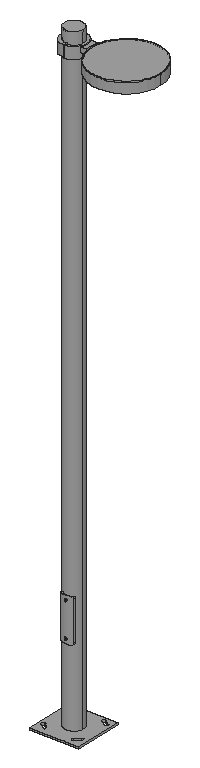
Revit family "VENUS LED POST TOP", category Lighting Fixtures, Revit 2020
Family settings
  Round Connector Dimension = Use Diameter
  Part Type = Normal
  Work Plane-Based = No
  Always vertical = Yes
  Cut with Voids When Loaded = No
  Light Source = Yes
  Shared = No
  Room Calculation Point = No
Parameters (values of type "VSPT40301-PBM-V-BK")
  Wattage = 22.5525 W
  WATTS = 40 W
  built-in parameter 1150110 = 1 (stored number, unit not read)
  Voltage Comments = "120-277"  # constant formula
  Voltage = 120 V  # constant formula
  URL = "https://www.abovealllighting.com/product/LED-OUTDOOR-FIXTURES/LEDMOONSERIESPOSTTOP/VenusLEDPostTop.html"
  Type Comments = "VENUS LED POST TOP"  # constant formula
  built-in parameter 1114217 = 1 (stored number, unit not read)
  Tilt Angle = 90.00°
  built-in parameter 1150109 = 1 (stored number, unit not read)
  built-in parameter 1150134 = (empty or 0)
  built-in parameter 1150113 = 1 (stored number, unit not read)
  Replaces/Equiv.(MH) = "100W"
  Pole Height = 137.80"
  Photometric Web File = "VSPT40301_PBM_V_BK.IES"
  Order number = "17721"
  Model = "VSPT40301-PBM-V-BK"
  Manufacturer = "Above All Lighting"  # constant formula
  built-in parameter 1150105 = 266.58 (stored number, unit not read)
  Lumens = 3350 lm
  built-in parameter 1150115 = 1 (stored number, unit not read)
  built-in parameter 1150137 = (empty or 0)
  built-in parameter 1150139 = (empty or 0)
  built-in parameter 1150112 = 1 (stored number, unit not read)
  built-in parameter 1150114 = 1 (stored number, unit not read)
  Lamp = "LED"  # constant formula
  built-in parameter 1150132 = 2
  built-in parameter 1150102 = (empty or 0)
  built-in parameter 1150107 = 3000 (stored number, unit not read)
  built-in parameter 1150138 = (empty or 0)
  built-in parameter 1150106 = 2.6658 (stored number, unit not read)
  IP Rating = "65"  # constant formula
  GLASS [instance] = Glass
  Fixture Height = 2.56"
  Fixture Diameter = 15.75"
  Fixture Depth = 22.64"
  Emit from Line Length = 24.00"
  built-in parameter 1150104 = 13.8 (stored number, unit not read)
  Dimming Lamp Color Temperature Shift = <None>
  Dimming / Control Comments = "Available"  # constant formula
  Description = "The Venus led post top has an elegant , slim and compact appearance. Pleasing to the eye, it adds architectural \r\nstructure to any outdoor space. A fine example of pedestrian-scale lighting design offering both confort and security \r\nto the site. Choose a single head, twin heads or more to be combined on a single pole and individually positioned \r\nwith a pole binding mounting bracket for each head."  # constant formula
  Default Elevation = 0.00"
  Color Filter = 16777215
  CRI = "70"  # constant formula
  Body color [instance] = Aluminum
  built-in parameter 1114218 = 1 (stored number, unit not read)
  Average life based on 104F(HRS) = "50000"  # constant formula
  built-in parameter 1150133 = 10 (stored number, unit not read)
  Apparent Load = WATTS / 0.8  # 50 VA
Types (10): name | Wattage | WATTS | built-in parameter 1150134 | Replaces/Equiv.(MH) | Photometric Web File | Order number | Model | built-in parameter 1150105 | Lumens | built-in parameter 1150107 | built-in parameter 1150106 | Apparent Load
  (no name) | 22.5525 W | 40 W | (empty or 0) | "100W" | "VSPT40301_PBM_V_BK.IES" | "17721" | "VSPT40301-PBM-V-BK" | 266.58 (stored number, unit not read) | 3350 lm | 3000 (stored number, unit not read) | 2.6658 (stored number, unit not read) | 50 VA
  VSPT25301-PBM-V-BK | 12.791 W | 25 W | (empty or 0) | "100W" | "generic" | "17718" | "VSPT25301-PBM-V-BK\r\nVSPT25301-PBM-V-BK\r\nVSPT25301-PBM-V-BK" | 151.2 (stored number, unit not read) | 1900 lm | 3000 (stored number, unit not read) | 1.512 (stored number, unit not read) | 31.25 VA
  VSPT25401-PBM-V-BK | 12.791 W | 25 W | 12 | "100W" | "generic" | "17719" | "VSPT25401-PBM-V-BK" | 151.2 (stored number, unit not read) | 1900 lm | 4000 (stored number, unit not read) | 1.512 (stored number, unit not read) | 31.25 VA
  VSPT25501-PBM-V-BK | 12.791 W | 25 W | 2 | "100W" | "generic" | "17720" | "VSPT25501-PBM-V-BK" | 151.2 (stored number, unit not read) | 1900 lm | 5000 (stored number, unit not read) | 1.512 (stored number, unit not read) | 31.25 VA
  VSPT40301-PBM-V-BK | 22.5525 W | 40 W | (empty or 0) | "100W" | "VSPT40301_PBM_V_BK.IES" | "17721" | "VSPT40301-PBM-V-BK" | 266.58 (stored number, unit not read) | 3350 lm | 3000 (stored number, unit not read) | 2.6658 (stored number, unit not read) | 50 VA
  VSPT40401-PBM-V-BK | 22.5525 W | 40 W | 12 | "100W" | "generic" | "17722" | "VSPT40401-PBM-V-BK\r\nVSPT40401-PBM-V-BK\r\nVSPT40401-PBM-V-BK\r\nVSPT40401-PBM-V-BK" | 266.58 (stored number, unit not read) | 3350 lm | 4000 (stored number, unit not read) | 2.6658 (stored number, unit not read) | 50 VA
  VSPT40501-PBM-V-BK | 22.5525 W | 40 W | 2 | "100W" | "generic" | "17723" | "VSPT40501-PBM-V-BK" | 266.58 (stored number, unit not read) | 3350 lm | 5000 (stored number, unit not read) | 2.6658 (stored number, unit not read) | 50 VA
  VSPT60301-PBM-V-BK | 30.6984 W | 60 W | (empty or 0) | "250W" | "VSPT60301_PBM_V_BK.IES" | "17724" | "VSPT60301-PBM-V-BK" | 362.87 (stored number, unit not read) | 4560 lm | 3000 (stored number, unit not read) | 3.6287 (stored number, unit not read) | 75 VA
  VSPT60401-PBM-V-BK | 30.6984 W | 60 W | 12 | "250W" | "generic" | "17725" | "VSPT60401-PBM-V-BK" | 362.87 (stored number, unit not read) | 4560 lm | 4000 (stored number, unit not read) | 3.6287 (stored number, unit not read) | 75 VA
  VSPT60501-PBM-V-BK | 30.6984 W | 60 W | 2 | "250W" | "generic" | "17726" | "VSPT60501-PBM-V-BK" | 362.87 (stored number, unit not read) | 4560 lm | 5000 (stored number, unit not read) | 3.6287 (stored number, unit not read) | 75 VA
Reference planes (in)
  plane 1 "Center (Front/Back)": y = 0
  plane 2: z = 0
  plane 3 "Center (Left/Right)": x = 0
  plane 4: y = 7.88
  plane 5: y = -7.88
  plane 6: x = 22.64
  plane 7: z = 137.8
  plane 8: x = 11.89
Dimensions and locks (in)
  equal spacing: plane 5, plane 1 "Center (Front/Back)", plane 4
  locked: plane 5 to plane 4 at 15.76
  "Pole Height": plane 7 to plane 2
  locked: plane 8 to plane 3 "Center (Left/Right)" at 11.89
  aligned and locked: plane 2 to level
  aligned and locked: nested 1 to plane 7
  aligned and locked: plane 1 "Center (Front/Back)" to nested 1
  aligned and locked: plane 3 "Center (Left/Right)" to nested 1
  aligned and locked: plane 1 "Center (Front/Back)" to nested 2
  aligned and locked: plane 3 "Center (Left/Right)" to nested 2
  aligned and locked: plane 7 to imposter light
  aligned and locked: plane 8 to imposter light
  aligned and locked: imposter light to plane 1 "Center (Front/Back)"
Nested families (in)
  nested 1: "VENUS LED POST TOP_1" at (-2.875, 0, 137.8), B <- "Fixture Depth", Height <- "Fixture Height", D <- "Fixture Diameter", Body color <- "Body color", GLASS <- "GLASS", type "VENUS LED POST TOP"
    with Height 2.56", GLASS Glass, D 15.75", Body color Aluminum, B 22.64"
  nested 2: "VENUS TOP LED BOTTOM" at (0, 0, 0), Body color <- "Body color", type "VENUS TOP LED BOTTOM"
    with Body color Aluminum
Definition of nested family "VENUS LED POST TOP_1"
  Parameters (values of type "VENUS LED POST TOP")
    Height [instance] = 2.56"
    GLASS [instance] = none
    Default Elevation = 0.00"
    D [instance] = 15.75"
    Body color [instance] = none
    B [instance] = 22.64"
  Reference planes (in)
    plane 1 "Center (Front/Back)": y = 0
    plane 2: z = 0
    plane 3 "Center (Left/Right)": x = 0
    plane 4: y = 7.875
    plane 5: y = -7.875
    plane 6: x = 22.64
    plane 7: z = 2.36
    plane 8: x = 2.875
    plane 9: y = 0
    plane 10: z = 2.56
  Forms (in)
    Extrusion 1, solid, material <- "Body color"
      sketch origin (0, 0, 0) x (1, 0, 0) y (0, 1, 0)
        loop
          circle (14.765, 0) r 7.875
        loop
          circle (14.765, 0) r 7.75
      from 0 to 2.34134
    Extrusion 2, solid, material <- "GLASS"
      sketch origin (0, 0, 0) x (1, 0, 0) y (0, 1, 0)
        loop
          circle (14.765, 0) r 7.75
      from 0 to 2.34134
    Extrusion 3, solid, material <- "Body color"
      sketch origin (0.75, 0, 0) x (1, 0, 0) y (0, 1, 0)
        loop
          circle (2.125, 0) r 2.125
      from 0 to 5.12265
    Extrusion 4, solid, material <- "Body color"
      sketch origin (0, 0, 0) x (1, 0, 0) y (0, 1, 0)
        loop
          line (2.875, -2.875) -> (2.875, -2.125)
          arc (2.875, -2.125) -> (0.75, 0) -> (2.875, 2.125) r 2.125
          line (2.875, 2.125) -> (2.875, 2.875)
          arc (2.875, 2.875) -> (0, 0) -> (2.875, -2.875) r 2.875
      from 0 to 2.56
    Extrusion 5, solid, material <- "Body color"
      sketch origin (5.82345, 0, 0) x (-1, 0, 0) y (0, -1, 0)
        loop
          arc (2.875, 2.875) -> (0, 0) -> (2.875, -2.875) r 2.875
          line (2.875, -2.875) -> (2.875, -2.125)
          arc (2.875, -2.125) -> (0.75, 0) -> (2.875, 2.125) r 2.125
          line (2.875, 2.125) -> (2.875, 2.875)
      from 0 to 2.56
    Extrusion 6, solid, material <- "Body color"
      sketch origin (0, 0, 0) x (1, 0, 0) y (0, 1, 0)
        loop
          circle (14.765, 0) r 7.875
      from 2.34134 to 2.36
    Extrusion 7, solid, material <- "Body color"
      sketch origin (0, 0, 0) x (1, 0, 0) y (0, 1, 0)
        loop
          line (7.04099, 1.5347) -> (5.37956, 1.5347)
          arc (5.37956, 1.5347) -> (5.82345, 0) -> (5.37956, -1.5347) r 2.875
          line (5.37956, -1.5347) -> (7.04099, -1.5347)
          arc (7.04099, -1.5347) -> (6.92784, -0.77106) -> (6.89, 0) r 7.875
          arc (6.89, 0) -> (6.92784, 0.77106) -> (7.04099, 1.5347) r 7.875
      from 1.4306 to 2.56
  Dimensions and locks (in)
    equal spacing: plane 5, plane 1 "Center (Front/Back)", plane 4
    "B": plane 3 "Center (Left/Right)" to plane 6
    "Height": plane 10 to plane 2
    plane 7 to level = 2.36"
    "D": plane 5 to plane 4
    locked: plane 3 "Center (Left/Right)" to plane 8 at 2.875
    aligned and locked: plane 2 to level
    aligned and locked: plane 7 to Extrusion 6
    aligned and locked: Extrusion 6 to Extrusion 2
    aligned and locked: Extrusion 1 to Extrusion 2
  Automatic sketch dimensions
    Extrusion 1 sketch curve to Extrusion 1 sketch curve = 0.00"  (x2)
    plane 1 "Center (Front/Back)" to Extrusion 1 sketch curve = 0.00"
    Extrusion 1 sketch curve to plane 6 = 7.875"
    plane 1 "Center (Front/Back)" to Extrusion 2 sketch curve = 0.00"
    Extrusion 2 sketch curve to plane 6 = 7.875"
    plane 1 "Center (Front/Back)" to Extrusion 3 sketch curve = 0.00"
    plane 3 "Center (Left/Right)" to Extrusion 3 sketch curve = 2.875"
    Extrusion 4 sketch curve to Extrusion 4 sketch curve = 0.00"  (x2)
    plane 1 "Center (Front/Back)" to Extrusion 4 sketch curve = 0.00"
    plane 3 "Center (Left/Right)" to Extrusion 4 sketch curve = 2.875"
    plane 1 "Center (Front/Back)" to Extrusion 4 sketch curve = 2.125"
    Extrusion 4 sketch curve to Extrusion 4 sketch curve = 0.75"
    Extrusion 5 sketch curve to Extrusion 5 sketch curve = 0.00"  (x2)
    plane 1 "Center (Front/Back)" to Extrusion 5 sketch curve = 0.00"
    Extrusion 5 sketch curve to plane 3 "Center (Left/Right)" = 2.94845"
    Extrusion 5 sketch curve to plane 1 "Center (Front/Back)" = 2.125"
    Extrusion 5 sketch curve to Extrusion 5 sketch curve = 0.75"
    plane 1 "Center (Front/Back)" to Extrusion 6 sketch curve = 0.00"
    Extrusion 6 sketch curve to plane 6 = 7.875"
    Extrusion 7 sketch curve to Extrusion 7 sketch curve = 0.00"  (x3)
    Extrusion 7 sketch curve to Extrusion 7 sketch curve = 1.66143"
    plane 1 "Center (Front/Back)" to Extrusion 7 sketch curve = 1.5347"
    Extrusion 7 sketch curve to plane 6 = 15.59901"
    Extrusion 7 sketch curve to Extrusion 7 sketch curve = 0.15099"
    Extrusion 7 sketch curve to Extrusion 7 sketch curve = 2.43111"
    plane 1 "Center (Front/Back)" to Extrusion 7 sketch curve = 0.00"
    radius of Extrusion 1 sketch curve = 7.875"
    radius of Extrusion 1 sketch curve = 7.75"
    radius of Extrusion 2 sketch curve = 7.75"
    radius of Extrusion 3 sketch curve = 2.125"
    radius of Extrusion 6 sketch curve = 7.875"
Definition of nested family "VENUS TOP LED BOTTOM"
  Parameters (values of type "VENUS TOP LED BOTTOM")
    URL = ""
    Type Comments = ""
    Pole Rad = Pole Dia / 2  # 2.125"
    Pole Height = 137.80"
    Pole Dia = 4.25"  # constant formula
    Model = ""
    Manufacturer = ""
    Description = ""
    Default Elevation = 0.00"
    Body color [instance] = none
    Base Width = 11.024"  # constant formula
    BOLT = none
  Reference planes (in)
    plane 1 "Center (Front/Back)": y = 0
    plane 2: z = 0
    plane 3 "Center (Left/Right)": x = 0
    plane 4: x = -2.125
    plane 5: x = 2.125
    plane 6: y = 2.125
    plane 7: y = -2.125
    plane 8: z = 0.3937
    plane 9: z = 18.0687
    plane 10: z = 137.8
    plane 11: z = 27.9087
    plane 12 "2": x = -1.5
    plane 13 "1": x = 1.5
    plane 14: z = 4.47739
  Forms (in)
    Extrusion 1, solid, material <- "Body color"
      sketch origin (0, 0, 0) x (1, 0, 0) y (0, 1, 0)
        loop
          line (-5.512, -5.512) -> (5.512, -5.512) -> (5.512, 5.512) -> (-5.512, 5.512) -> (-5.512, -5.512)
        loop
          arc (-4.81199, 3.86765) -> (-4.81199, 3.30639) -> (-4.25072, 3.30639) r 0.39688
          line (-4.25072, 3.30639) -> (-2.99639, 4.19072)
          arc (-2.99639, 4.19072) -> (-2.99639, 4.75199) -> (-3.55765, 4.75199) r 0.39688
          line (-3.55765, 4.75199) -> (-4.81199, 3.86765)
        loop
          line (4.79636, 3.88328) -> (3.57328, 4.73636)
          arc (3.57328, 4.73636) -> (3.01201, 4.73636) -> (3.01201, 4.1751) r 0.39688
          line (3.01201, 4.1751) -> (4.2351, 3.32201)
          arc (4.2351, 3.32201) -> (4.79636, 3.32201) -> (4.79636, 3.88328) r 0.39688
        loop
          line (-4.76965, -3.39679) -> (-3.56556, -4.38314)
          arc (-3.56556, -4.38314) -> (-3.00566, -4.4223) -> (-2.96651, -3.8624) r 0.39688
          line (-2.96651, -3.8624) -> (-4.1706, -2.87604)
          arc (-4.1706, -2.87604) -> (-4.7305, -2.83689) -> (-4.76965, -3.39679) r 0.39688
        loop
          arc (4.73942, -3.47039) -> (4.6905, -2.91126) -> (4.13137, -2.96018) r 0.39688
          line (4.13137, -2.96018) -> (2.97309, -3.93355)
          arc (2.97309, -3.93355) -> (3.02201, -4.49268) -> (3.58114, -4.44376) r 0.39688
          line (3.58114, -4.44376) -> (4.73942, -3.47039)
      from 0 to 0.3937
    Extrusion 2, solid, material <- "Body color"
      sketch origin (0, 0, 0) x (1, 0, 0) y (0, 1, 0)
        loop
          circle (0, 0) r 2.125
      from 0.3937 to 137.8
    Sweep 3, solid, material <- "Body color"
      path origin (0, 0, 0) x (1, 0, 0) y (0, 0, 1)
        loop
          line (0, 18.0687) -> (0, 27.9087)
      profile origin (0, 0, 22.9887) x (-1, 0, 0) y (0, -1, 0)
        loop
          line (1.5, 1.5052) -> (1.5, 1.77641)
          arc (1.5, 1.77641) -> (0, 2.325) -> (-1.5, 1.77641) r 2.325
          line (-1.5, 1.77641) -> (-1.5, 1.5052)
          arc (-1.5, 1.5052) -> (0, 2.125) -> (1.5, 1.5052) r 2.125
    Extrusion 4, void
      sketch origin (0, 0, 0) x (1, 0, 0) y (0, 0, 1)
        loop
          arc (-1.5, 27.515) -> (-1.38469, 27.79339) -> (-1.1063, 27.9087) r 0.3937
          line (-1.1063, 27.9087) -> (-1.5, 27.9087) -> (-1.5, 27.515)
        loop
          line (1.5, 27.515) -> (1.5, 27.9087) -> (1.1063, 27.9087)
          arc (1.1063, 27.9087) -> (1.38469, 27.79339) -> (1.5, 27.515) r 0.3937
        loop
          line (-1.5, 18.0687) -> (-1.1063, 18.0687)
          arc (-1.1063, 18.0687) -> (-1.38469, 18.18401) -> (-1.5, 18.4624) r 0.3937
          line (-1.5, 18.4624) -> (-1.5, 18.0687)
        loop
          line (1.5, 18.0687) -> (1.5, 18.4624)
          arc (1.5, 18.4624) -> (1.38469, 18.18401) -> (1.1063, 18.0687) r 0.3937
          line (1.1063, 18.0687) -> (1.5, 18.0687)
      from 1.1956 to 2.4846
    Extrusion 5, solid, material <- "Body color"
      sketch origin (0, 0, 0) x (1, 0, 0) y (0, 0, 1)
        loop
          circle (0, 26.9087) r 0.25
        loop
          circle (0, 19.0687) r 0.25
      from 2.27338 to 2.37394
  Cuts and joins
    Extrusion 4 cuts Sweep 3
    joined: Sweep 3, Extrusion 5
  Dimensions and locks (in)
    equal spacing: plane 6, plane 1 "Center (Front/Back)", plane 7
    equal spacing: plane 4, plane 3 "Center (Left/Right)", plane 5
    "Pole Dia": plane 6 to plane 7
    "Pole Dia": plane 4 to plane 5
    equal spacing: Extrusion 1 sketch curve, plane 3 "Center (Left/Right)", Extrusion 1 sketch curve
    equal spacing: Extrusion 1 sketch curve, plane 1 "Center (Front/Back)", Extrusion 1 sketch curve
    locked: plane 8 to plane 2 at 0.3937
    locked: plane 9 to plane 8 at 17.675
    "Base Width": Extrusion 1 sketch curve to Extrusion 1 sketch curve  (x2)
    "Pole Height": plane 10 to plane 2
    locked: plane 11 to plane 9 at 9.84
    equal spacing: plane 12 "2", plane 3 "Center (Left/Right)", plane 13 "1"
    locked: plane 12 "2" to plane 13 "1" at 3
    locked: plane 14 to plane 8 at 4.08369
    "Pole Rad": radius of Extrusion 2 sketch curve
    aligned and locked: plane 2 to level
    aligned and locked: Extrusion 1 to plane 2
    aligned and locked: plane 8 to Extrusion 1
    aligned and locked: Extrusion 2 to plane 8
    aligned and locked: plane 10 to Extrusion 2
    aligned and locked: plane 3 "Center (Left/Right)" to Sweep 3 sketch curve
    aligned and locked: plane 9 to Sweep 3 sketch curve
    aligned and locked: plane 11 to Sweep 3 sketch curve
  Automatic sketch dimensions
    plane 12 "2" to Extrusion 4 sketch curve = 0.00"  (x2)
    Extrusion 4 sketch curve to plane 11 = 0.00"  (x2)
    Extrusion 4 sketch curve to plane 9 = 0.00"  (x2)
    plane 13 "1" to Extrusion 4 sketch curve = 0.00"  (x2)
    Extrusion 4 sketch curve to Extrusion 4 sketch curve = 0.3937"  (x2)
    plane 11 to Extrusion 4 sketch curve = 0.3937"  (x2)
    Extrusion 5 sketch curve to plane 3 "Center (Left/Right)" = 0.00"  (x2)
    plane 9 to Extrusion 5 sketch curve = 1.00"
    plane 11 to Extrusion 5 sketch curve = 1.00"
    Sweep 3 sketch curve to Sweep 3 sketch curve = 0.00"  (x2)
    plane 1 "Center (Front/Back)" to Sweep 3 sketch curve = 0.00"
    Sweep 3 sketch curve to profile plane = 0.00"
    Sweep 3 sketch curve to profile plane = 1.50"
    profile plane to Sweep 3 sketch curve = 1.50"
    Sweep 3 sketch curve to Sweep 3 sketch curve = 0.27121"
    plane 1 "Center (Front/Back)" to Sweep 3 sketch curve = 1.5052"
    Extrusion 1 sketch curve to Extrusion 1 sketch curve = 0.70001"
    Extrusion 1 sketch curve to plane 7 = 1.27179"
    Extrusion 1 sketch curve to Extrusion 1 sketch curve = 0.74235"
    Extrusion 1 sketch curve to Extrusion 1 sketch curve = 0.28063"  (x11)
    Extrusion 1 sketch curve to Extrusion 1 sketch curve = 0.29953"  (x4)
    plane 6 to Extrusion 1 sketch curve = 1.18139"
    Extrusion 1 sketch curve to plane 7 = 0.75104"
    Extrusion 1 sketch curve to plane 4 = 1.44056"
    Extrusion 1 sketch curve to plane 4 = 1.43265"
    plane 5 to Extrusion 1 sketch curve = 0.84809"
    plane 5 to Extrusion 1 sketch curve = 0.88701"
    Extrusion 1 sketch curve to Extrusion 1 sketch curve = 0.30402"  (x4)
    Extrusion 1 sketch curve to plane 7 = 0.83518"
    Extrusion 1 sketch curve to Extrusion 1 sketch curve = 0.85426"
    Extrusion 1 sketch curve to Extrusion 1 sketch curve = 0.94245"
    Extrusion 1 sketch curve to plane 7 = 1.34539"
    plane 6 to Extrusion 1 sketch curve = 1.75828"
    Extrusion 1 sketch curve to Extrusion 1 sketch curve = 1.22847"
    Extrusion 1 sketch curve to Extrusion 1 sketch curve = 1.24673"
    Extrusion 1 sketch curve to Extrusion 1 sketch curve = 0.25511"
    Extrusion 1 sketch curve to Extrusion 1 sketch curve = 0.26037"
    Extrusion 1 sketch curve to Extrusion 1 sketch curve = 0.56127"
    Extrusion 1 sketch curve to Extrusion 1 sketch curve = 0.85308"
    Extrusion 1 sketch curve to Extrusion 1 sketch curve = 0.88433"
    plane 1 "Center (Front/Back)" to Extrusion 2 sketch curve = 0.00"
    Extrusion 2 sketch curve to plane 3 "Center (Left/Right)" = 0.00"
    radius of Extrusion 5 sketch curve = 0.25"  (x2)
